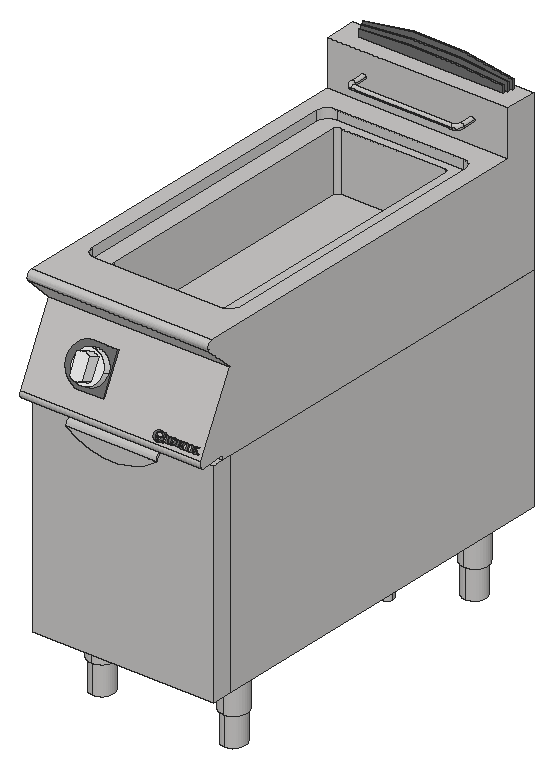
Revit family "QF_GIORIK_FE9117", category Specialty Equipment, Revit 2014
Parameters (values of type "FE9117")
  Weight in Pounds = 171.9604
  Watts = 16500 W
  Volts = 400 V
  URL Cutsheet = "www.giorik.com"
  URL = "www.giorik.com"
  Status [instance] = ""
  Specification by User [instance] = ""
  Specification by Manufacturer = ""
  Show Logo [instance] = yes
  Show Clearance [instance] = yes
  Serial Number = ""
  Seismic Rating = ""
  SMACNA No = ""
  Revision Code [instance] = ""
  Phase = 3
  Number of Poles [instance] = 3
  NAFEM Spec ID Number = ""
  Model = "FE9117"
  Min Ckt Ampacity = 0 A
  Max Overcurrent Protection = 0 A
  Masterspec = ""
  Manufacturer = "GIORIK"
  Item Number [instance] = ""
  Installed By [instance] = ""
  Identify Quantity as Lot [instance] = no
  HP = "22.126830000000"
  Furnished By [instance] = ""
  Foodservice Equipment Identifier [instance] = yes
  FL Amps = 0 A
  Electrical Remarks [instance] = ""
  Electric Connection Type [instance] = ""
  Elec Conn RI Height [instance] = 0 mm
  Elec Conn Connection Height [instance] = 150 mm
  Description = "17 LITRE ELECTRIC FRYER."
  Cycle = 50 Hz
  Conn Plug = ""
  CSI MasterFormat = ""
  Assembly Code = "E1090320"
  Apparent Power = 16500 VA
Reference planes
  plane 1 "Back": y = 0
  plane 2: z = 0
  plane 3 "Left": x = 0
  plane 4 "Right": x = 400
  plane 5 "Front": y = -920
  plane 6 "Top": z = 900
Forms (mm)
  Extrusion 1, solid, visible <- "Show Logo"
    sketch origin (196.604, -936.761, 609.486) x (-1, 0, 0) y (0, 0.452718, 0.891654)
      loop
        line (-118.824, 58.358) -> (-127.804, 58.358) -> (-125.523, 56.445) -> (-125.523, 48.027) -> (-127.804, 46.113) -> (-118.824, 46.113) -> (-121.105, 48.027) -> (-121.105, 56.445) -> (-118.824, 58.358)
      loop
        line (-163.721, 58.358) -> (-172.7, 58.358) -> (-170.42, 56.445) -> (-170.42, 48.027) -> (-172.7, 46.113) -> (-163.721, 46.113) -> (-166.001, 48.027) -> (-166.001, 56.445) -> (-163.721, 58.358)
      loop
        line (-174.332, 58.358) -> (-183.312, 58.358) -> (-181.031, 56.445) -> (-181.031, 52.435) -> (-186.419, 56.955) -> (-184.416, 58.358) -> (-191.268, 58.358) -> (-188.01, 56.839) -> (-185.455, 54.283) -> (-190.846, 47.858) -> (-193.396, 46.93) -> (-193.396, 46.113) -> (-184.416, 46.113) -> (-185.437, 47.571) -> (-182.443, 51.552) -> (-181.031, 50.894) -> (-181.031, 48.027) -> (-183.312, 46.113) -> (-174.332, 46.113) -> (-176.613, 48.027) -> (-176.613, 56.445) -> (-174.332, 58.358)
      loop
        line (-115.429, 62.063) -> (-115.429, 54.198)
        arc (-115.429, 54.198) -> (-111.618, 57.803) -> (-106.847, 59.986) r 16.039
        arc (-106.847, 59.986) -> (-103.314, 59.837) -> (-100.512, 57.68) r 5.851
        arc (-100.512, 57.68) -> (-98.815, 52.267) -> (-100.512, 46.853) r 9.479
        arc (-100.512, 46.853) -> (-102.406, 44.986) -> (-104.846, 43.93) r 7.236
        arc (-104.846, 43.93) -> (-107.728, 44.111) -> (-110.052, 45.825) r 5.11
        line (-110.052, 45.825) -> (-110.052, 52.001) -> (-116.141, 52.001) -> (-116.141, 45.503) -> (-117.893, 43.751) -> (-114.094, 44.769)
        arc (-114.094, 44.769) -> (-112.56, 44.947) -> (-111.129, 44.366) r 3.115
        arc (-111.129, 44.366) -> (-104.216, 42.091) -> (-97.303, 44.366) r 11.641
        arc (-97.303, 44.366) -> (-93.396, 52.107) -> (-97.303, 59.849) r 9.622
        arc (-97.303, 59.849) -> (-104.369, 62.174) -> (-111.435, 59.849) r 11.898
        line (-111.435, 59.849) -> (-115.429, 62.063)
      loop
        arc (-129.234, 56.068) -> (-135.893, 58.628) -> (-142.552, 56.068) r 9.941
        arc (-142.552, 56.068) -> (-144.234, 52.286) -> (-142.552, 48.505) r 5.093
        arc (-142.552, 48.505) -> (-135.893, 45.945) -> (-129.234, 48.505) r 9.941
        arc (-129.234, 48.505) -> (-127.552, 52.286) -> (-129.234, 56.068) r 5.093
      loop
        arc (-132.628, 54.403) -> (-135.893, 57.668) -> (-139.158, 54.403) r 3.265
        line (-139.158, 54.403) -> (-139.158, 50.169)
        arc (-139.158, 50.169) -> (-135.893, 46.904) -> (-132.628, 50.169) r 3.265
        line (-132.628, 50.169) -> (-132.628, 54.403)
      loop
        arc (-156.363, 58.365) -> (-159.647, 55.081) -> (-156.363, 51.796) r 3.285
        line (-156.363, 51.796) -> (-159.529, 47.306) -> (-162.087, 46.113) -> (-155.847, 46.113) -> (-153.529, 51.083) -> (-150.637, 51.083) -> (-150.637, 47.784) -> (-153.022, 46.113) -> (-144.011, 46.113) -> (-146.094, 47.68) -> (-146.094, 56.493) -> (-144.229, 58.365) -> (-156.363, 58.365)
      loop
        line (-150.637, 57.512) -> (-153.637, 57.512)
        arc (-153.637, 57.512) -> (-156.237, 54.912) -> (-153.637, 52.312) r 2.6
        line (-153.637, 52.312) -> (-150.637, 52.312) -> (-150.637, 57.512)
      loop
        line (-108.924, 52.001) -> (-104.936, 49.005) -> (-100.948, 52.001) -> (-108.924, 52.001)
    from 1.5 to -0.5
  Extrusion 2, solid
    sketch origin (-16, 1025.81, 0) x (1, 0, 0) y (0, 1, 0)
      loop
        line (25, -1086.81) -> (25, -1156.81) -> (115, -1156.81) -> (115, -1086.81) -> (25, -1086.81)
    from 148 to 150
  Extrusion 3, solid
    sketch origin (-14, 0, 130) x (1, 0, 0) y (0, 1, 0)
      loop
        circle (54, -385) r 12.5
    from 0 to 20
  Extrusion 4, solid
    sketch origin (0, 800, -20) x (0, 1, 0) y (0, 0, 1)
      loop
        line (-800, 989.988) -> (-870, 989.988) -> (-870, 889.988) -> (-1688.806, 889.988)
        arc (-1688.806, 889.988) -> (-1699.151, 883.075) -> (-1696.724, 870.873) r 11.197
        line (-1696.724, 870.873) -> (-1640.876, 815.025) -> (-1718.948, 661.258)
        arc (-1718.948, 661.258) -> (-1718.233, 650.105) -> (-1708.118, 645.354) r 10.981
        line (-1708.118, 645.354) -> (-1660, 649.925) -> (-1660, 640) -> (-800, 640) -> (-800, 989.988)
    from 0 to 400
  Extrusion 5, solid
    sketch origin (0, -200, 599.536) x (1, 0, 0) y (0, 1, 0)
      loop
        line (0, -640) -> (40, -640) -> (40, 160) -> (360, 160) -> (360, -640) -> (400, -640) -> (400, 200) -> (0, 200) -> (0, -640)
    from -449.536 to 20.464
  Extrusion 6, solid
    sketch origin (0, -200, 0) x (1, 0, 0) y (0, 1, 0)
      loop
        line (40, 160) -> (40, -640) -> (360, -640) -> (360, 160) -> (40, 160)
    from 150 to 190
  Extrusion 7, solid
    sketch origin (-16, 360.81, 0) x (1, 0, 0) y (0, 1, 0)
      loop
        line (25, -1086.81) -> (25, -1156.81) -> (115, -1156.81) -> (115, -1086.81) -> (25, -1086.81)
    from 148 to 150
  Revolve 8, solid
    sketch origin (54, 360.81, 0) x (0, 1, 0) y (0, 0, 1)
      loop
        line (-1092.56, 66) -> (-1092.56, 148) -> (-1121.81, 148) -> (-1121.81, 0) -> (-1096.81, 0) -> (-1096.81, 66) -> (-1092.56, 66)
      axis (-1121.81, 0) -> (-1121.81, 148)
    angle from 0 to 360
  Revolve 9, solid
    sketch origin (54, 1025.81, 0) x (0, 1, 0) y (0, 0, 1)
      loop
        line (-1092.56, 66) -> (-1092.56, 148) -> (-1121.81, 148) -> (-1121.81, 0) -> (-1096.81, 0) -> (-1096.81, 66) -> (-1092.56, 66)
      axis (-1121.81, 0) -> (-1121.81, 148)
    angle from 0 to 360
  Extrusion 10, solid
    sketch origin (416, 360.81, 0) x (-1, 0, 0) y (0, -1, 0)
      loop
        line (25, 1086.81) -> (115, 1086.81) -> (115, 1156.81) -> (25, 1156.81) -> (25, 1086.81)
    from 148 to 150
  Revolve 11, solid
    sketch origin (346, 360.81, 0) x (0, 1, 0) y (0, 0, -1)
      loop
        line (-1092.56, -66) -> (-1096.81, -66) -> (-1096.81, 0) -> (-1121.81, 0) -> (-1121.81, -148) -> (-1092.56, -148) -> (-1092.56, -66)
      axis (-1121.81, 0) -> (-1121.81, -148)
    angle from 0 to 360
  Extrusion 12, solid
    sketch origin (416, -1217.81, 0) x (-1, 0, 0) y (0, -1, 0)
      loop
        line (25, -1086.81) -> (25, -1156.81) -> (115, -1156.81) -> (115, -1086.81) -> (25, -1086.81)
    from 148 to 150
  Revolve 13, solid
    sketch origin (346, -1217.81, 0) x (0, -1, 0) y (0, 0, 1)
      loop
        line (-1092.56, 66) -> (-1092.56, 148) -> (-1121.81, 148) -> (-1121.81, 0) -> (-1096.81, 0) -> (-1096.81, 66) -> (-1092.56, 66)
      axis (-1121.81, 0) -> (-1121.81, 148)
    angle from 0 to 360
  Extrusion 14, solid
    sketch origin (-293.221, -1163.345, 52.363) x (1, 0, 0) y (0, 0.452718, 0.891654)
      loop
        line (463.221, 676.25) -> (463.221, 766.25) -> (409.698, 766.25)
        arc (409.698, 766.25) -> (364.698, 721.25) -> (409.698, 676.25) r 45
        line (409.698, 676.25) -> (463.221, 676.25)
    from 48 to 50
  Extrusion 15, solid
    sketch origin (481.331, -1208.697, 74.959) x (-1, 0, 0) y (0, -0.45351, -0.891251)
      loop
        circle (351.331, -721.346) r 35
    from 0 to 15
  Extrusion 16, solid
    sketch origin (481.331, -1208.697, 74.959) x (-1, 0, 0) y (0, -0.45351, -0.891251)
      loop
        arc (336.331, -743.846) -> (351.331, -748.846) -> (366.331, -743.846) r 25
        line (366.331, -743.846) -> (366.331, -698.846)
        arc (366.331, -698.846) -> (351.331, -693.846) -> (336.331, -698.846) r 25
        line (336.331, -698.846) -> (336.331, -743.846)
    from 15 to 40
  Extrusion 17, solid
    sketch origin (-94, 0, 59.999) x (1, 0, 0) y (0, 0, 1)
      loop
        line (135, 909.989) -> (453, 909.989) -> (453, 925.527) -> (347.056, 931.749) -> (240.944, 931.749) -> (135, 925.527) -> (135, 909.989)
    from 32 to 35
  Extrusion 18, solid
    sketch origin (-92, 10, 59.999) x (1, 0, 0) y (0, 0, 1)
      loop
        line (454, 909.989) -> (454, 928.527) -> (346.162, 939.193) -> (237.838, 939.193) -> (130, 928.527) -> (130, 909.989) -> (454, 909.989)
    from 32 to 35
  Extrusion 19, solid
    sketch origin (-90, 20, 59.999) x (1, 0, 0) y (0, 0, 1)
      loop
        line (455, 909.989) -> (455, 930.527) -> (345.396, 947.413) -> (234.604, 947.413) -> (125, 930.527) -> (125, 909.989) -> (455, 909.989)
    from 32 to 35
  Extrusion 20, void
    sketch origin (0, -200, 819.988) x (0, 1, 0) y (-1, 0, 0)
      loop
        arc (80, -60) -> (72.678, -42.322) -> (55, -35) r 25
        line (55, -35) -> (-565.002, -35)
        arc (-565.002, -35) -> (-582.68, -42.322) -> (-590.002, -60) r 25
        line (-590.002, -60) -> (-590.002, -340)
        arc (-590.002, -340) -> (-582.68, -357.678) -> (-565.002, -365) r 25
        line (-565.002, -365) -> (55, -365)
        arc (55, -365) -> (72.678, -357.678) -> (80, -340) r 25
        line (80, -340) -> (80, -60)
    from -100 to 50
  Extrusion 21, solid
    sketch origin (0, -200, 900) x (0, 1, 0) y (-1, 0, 0)
      loop
        arc (80, -60) -> (72.678, -42.322) -> (55, -35) r 25
        line (55, -35) -> (-565.002, -35)
        arc (-565.002, -35) -> (-582.68, -42.322) -> (-590.002, -60) r 25
        line (-590.002, -60) -> (-590.002, -340)
        arc (-590.002, -340) -> (-582.68, -357.678) -> (-565.002, -365) r 25
        line (-565.002, -365) -> (55, -365)
        arc (55, -365) -> (72.678, -357.678) -> (80, -340) r 25
        line (80, -340) -> (80, -60)
      loop
        arc (60, -85.011) -> (57.071, -77.94) -> (50, -75.011) r 10
        line (50, -75.011) -> (-555.002, -75.011)
        arc (-555.002, -75.011) -> (-562.073, -77.94) -> (-565.002, -85.011) r 10
        line (-565.002, -85.011) -> (-565.002, -315)
        arc (-565.002, -315) -> (-562.073, -322.071) -> (-555.002, -325) r 10
        line (-555.002, -325) -> (50, -325)
        arc (50, -325) -> (57.071, -322.071) -> (60, -315) r 10
        line (60, -315) -> (60, -85.011)
    from -180.012 to -50
  Extrusion 22, solid
    sketch origin (0, -925, 0) x (1, 0, 0) y (0, 0, 1)
      loop
        line (0, 620) -> (0, 150) -> (400, 150) -> (400, 620) -> (0, 620)
    from -85 to -40
  Extrusion 23, solid
    sketch origin (0, -925, -20.1) x (0, 1, 0) y (0, 0, 1)
      loop
        arc (25, 640.1) -> (14.393, 635.707) -> (10, 625.1) r 15
        line (10, 625.1) -> (12, 625.1)
        arc (12, 625.1) -> (15.808, 634.292) -> (25, 638.1) r 13
        line (25, 638.1) -> (40, 638.1) -> (40, 640.1) -> (25, 640.1)
    from 97.5 to 297.5
  Extrusion 24, solid
    sketch origin (0, -924.905, -20.1) x (1, 0, 0) y (0, 0, 1)
      loop
        arc (97.5, 625.1) -> (197.5, 590.089) -> (297.5, 625.1) r 160.316
        line (297.5, 625.1) -> (97.5, 625.1)
    from -11.905 to -9.905
  Extrusion 25, solid, visible <- "Show Clearance", detail levels coarse
    sketch origin (395, -925, 0) x (-1, 0, 0) y (0, -1, 0)
      loop
        line (-5, -40) -> (395, -40)
        arc (395, -40) -> (277.534, 241.069) -> (-5, 354.968) r 395
        line (-5, 354.968) -> (-5, -40)
    from 150 to 620
  Extrusion 26, solid
    sketch origin (0, 0, 100) x (0, 1, 0) y (-1, 0, 0)
      loop
        circle (-380, -380) r 12.5
    from 30 to 50
  Sweep 27, solid
    path origin (0, 0, 919.988) x (0, 1, 0) y (-1, 0, 0)
      loop
        line (-70, -80) -> (-100, -80)
        arc (-100, -80) -> (-107.071, -82.929) -> (-110, -90) r 10
        line (-110, -90) -> (-110, -310)
        arc (-110, -310) -> (-107.071, -317.071) -> (-100, -320) r 10
        line (-100, -320) -> (-70, -320)
    profile origin (80, -85, 919.988) x (1, 0, 0) y (0, 0, 1)
      loop
        circle (0, 0) r 5
Cuts and joins
  Extrusion 20 cuts Extrusion 4
Lines and regions (mm)
  symbolic lines, style "200-EquipBorder-2D"
    curve 1: line (0, -920, 0) -> (400, -920, 0)
    curve 2: line (400, -920, 0) -> (400, 0, 0)
    curve 3: line (400, 0, 0) -> (0, 0, 0)
    curve 4: line (0, 0, 0) -> (0, -920, 0)
  symbolic lines, style "200-EquipInternal-2D"
    curve 5: line (35, -12, 900) -> (365, -12, 900)
    curve 6: line (365, -12, 900) -> (365, -15, 900)
    curve 7: line (365, -15, 900) -> (35, -15, 900)
    curve 8: line (35, -15, 900) -> (35, -12, 900)
    curve 9: line (38, -22, 900) -> (362, -22, 900)
    curve 10: line (362, -22, 900) -> (362, -25, 900)
    curve 11: line (362, -25, 900) -> (38, -25, 900)
    curve 12: line (38, -25, 900) -> (38, -22, 900)
    curve 13: line (41, -32, 900) -> (359, -32, 900)
    curve 14: line (359, -32, 900) -> (359, -35, 900)
    curve 15: line (359, -35, 900) -> (41, -35, 900)
    curve 16: line (41, -35, 900) -> (41, -32, 900)
    curve 17: line (340, -120, 900) -> (60, -120, 900)
    curve 18: arc (60, -120, 900) -> (42.322, -127.322, 900) -> (35, -145, 900) r 25
    curve 19: line (35, -145, 900) -> (35, -765, 900)
    curve 20: arc (365, -145, 900) -> (357.678, -127.322, 900) -> (340, -120, 900) r 25
    curve 21: arc (340, -790, 900) -> (357.633, -782.723, 900) -> (365, -765.128, 900) r 25
    curve 22: line (60, -790, 900) -> (340, -790, 900)
    curve 23: arc (35, -765, 900) -> (42.322, -782.678, 900) -> (60, -790, 900) r 25
    curve 24: line (365, -765.128, 900) -> (365, -145, 900)
    curve 27: line (85, -140, 900) -> (315, -140, 900)
    curve 28: line (325, -150, 900) -> (325, -755.002, 900)
    curve 29: line (75, -755.002, 900) -> (75, -150, 900)
    curve 30: line (315, -765.002, 900) -> (85, -765.002, 900)
    curve 31: arc (85, -140, 900) -> (77.929, -142.929, 900) -> (75, -150, 900) r 10
    curve 32: arc (315, -140, 900) -> (322.071, -142.929, 900) -> (325, -150, 900) r 10
    curve 33: arc (75, -755.002, 900) -> (77.929, -762.073, 900) -> (85, -765.002, 900) r 10
    curve 34: arc (315, -765.002, 900) -> (322.071, -762.073, 900) -> (325, -755.002, 900) r 10
    curve 35: line (75, -70, 900) -> (75, -99.667, 900)
    curve 36: line (85, -100, 900) -> (85, -70, 900)
    curve 37: line (89.989, -104.989, 900) -> (310.238, -104.989, 900)
    curve 38: line (315, -100.227, 900) -> (315, -70, 900)
    curve 39: line (325, -70, 900) -> (325, -100.301, 900)
    curve 40: line (310.301, -115, 900) -> (90.333, -115, 900)
    curve 41: arc (90.333, -115, 900) -> (79.491, -110.509, 900) -> (75, -99.667, 900) r 15.333
    curve 42: arc (85, -100, 900) -> (86.461, -103.528, 900) -> (89.989, -104.989, 900) r 4.989
    curve 43: arc (310.301, -115, 900) -> (320.695, -110.695, 900) -> (325, -100.301, 900) r 14.699
    curve 44: arc (315, -100.227, 900) -> (313.605, -103.594, 900) -> (310.238, -104.989, 900) r 4.762
    curve 45: line (0, -70, 900) -> (400, -70, 900)
  symbolic lines, style "QF_Door-Drawer Clearances", visible <- "Show Clearance", detail levels coarse
    curve 25: arc (400, -1279.968, 0) -> (130.204, -1178.101, 0) -> (1.554, -920, 0) r 395
    curve 26: line (400, -920, 0) -> (400, -1279.968, 0)
Dimensions and locks
  plane 3 "Left" to plane 4 "Right" = 400 mm
  plane 5 "Front" to plane 1 "Back" = 920 mm
  plane 4 "Right" to plane 3 "Left" = 400 mm
  plane 1 "Back" to plane 5 "Front" = 920 mm
  plane 6 "Top" to level = 900 mm  (x2)
  aligned and locked: level to plane 2
Connectors
  electrical at (380, -380, 130), driven by "Apparent Power", driven by "Volts", driven by "Number of Poles"
    settings: on Extrusion 26, index 1, voltage 400 V, apparent load 0 VA, apparent load phase1 16500 VA, apparent load phase2 0 VA, apparent load phase3 0 VA, power factor 1, load classification "Other", number of poles 3, system type 31, power factor state 1, is connector primary yes, connector utility no, sub classification motor no, connector description "Electrical connection"
